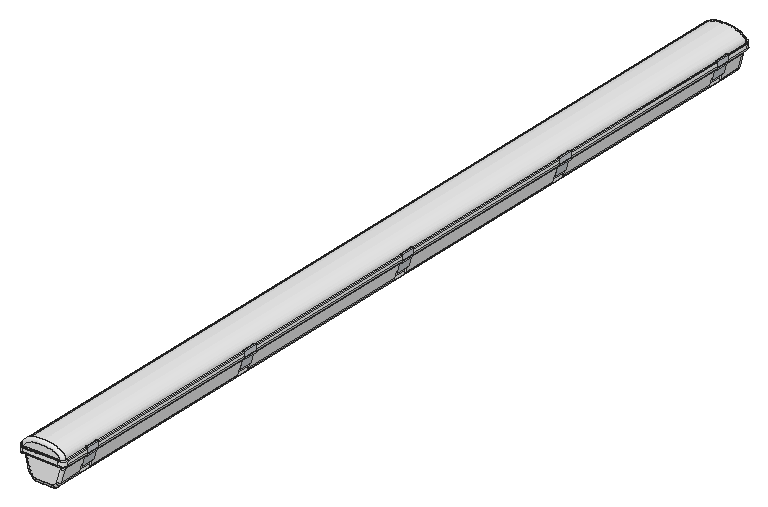
Revit family "0048794 Feilo Sylvania Lighting Fixture HYDROPROOF LED G3 1500MM S 4K MW", category Lighting Fixtures, host Face, Revit 2016
Family settings
  Host = Face
  Part Type = Normal
  Round Connector Dimension = Use Diameter
  OmniClass Number = 23.80.70.11.14
  OmniClass Title = General Luminaries, Directional
  Cut with Voids When Loaded = No
  Light Source = Yes
  Shared = No
  Room Calculation Point = No
Parameters (values of type "0048794 HYDROPROOF LED G3 1500MM S 4K MW")
  Width = 84 mm
  Weight = "2.27 kg"
  Wattage Comments = "n/a"
  Wattage = 32 W
  WarrantyStartDate [instance] = "n/a"
  WarrantyGuarantorParts = "n/a"
  WarrantyDurationUnit = "n/a"
  WarrantyDurationParts = "n/a"
  WarrantyDescription = "n/a"
  built-in parameter 1150110 = 1 (stored number, unit not read)
  Voltage = 230 V
  URL = "http://www.sylvania-lighting.com"
  TypeName = "HYDROPROOF LED G3 1500MM S 4K MW"
  Type Image = <None>
  Type Comments = "n/a"
  built-in parameter 1114217 = 1 (stored number, unit not read)
  Tilt Angle = -90.00°
  built-in parameter 1150109 = 1 (stored number, unit not read)
  built-in parameter 1150134 = 12
  built-in parameter 1150113 = 1 (stored number, unit not read)
  SerialNumber [instance] = "n/a"
  ReflectorMaterial = none
  PowerFactor = 0
  PowerConsumption = "32 W"
  Photometric Web File = "0048794.ies"
  NominalWidth = 0 mm
  NominalLength = 1578 mm
  NominalHeight = 75 mm
  Name = "HYDROPROOF LED G3 1500MM S 4K MW"
  ModelReference = "HYDROPROOF LED G3 1500MM S 4K MW"
  ModelNumber = "0048794"
  Model = "HYDROPROOF LED G3 1500MM S 4K MW"
  Material = "grp housing, pmma diffuser"
  ManufacturerName = "Feilo Sylvania"
  Manufacturer = "Feilo Sylvania"
  LuminousEfficacy = "155 lm/W"
  built-in parameter 1150105 = 394.7 (stored number, unit not read)
  Lumens = 4960 lm
  LuminaireType = ""
  built-in parameter 1150115 = 1 (stored number, unit not read)
  LightOutputRatio = "n/a"
  built-in parameter 1150137 = (empty or 0)
  built-in parameter 1150139 = (empty or 0)
  Length = 1572 mm
  LampsType = Lamp  # "LED"
  LampNominalLuminous = "4950 lm"
  LampMacAdamStep = "3"
  LampColourTemperature = "4000 K"
  LampColourRenderingIndex = "80"
  built-in parameter 1150112 = 1 (stored number, unit not read)
  built-in parameter 1150114 = 1 (stored number, unit not read)
  Lamp = "LED"
  Keynote = "16500"
  InstallationDate [instance] = "n/a"
  InputVoltage = "220-240V~"
  InputNominalFrequency = "50/60 Hz"
  built-in parameter 1150132 = (empty or 0)
  built-in parameter 1150102 = (empty or 0)
  built-in parameter 1150107 = 4000 (stored number, unit not read)
  built-in parameter 1150138 = (empty or 0)
  IngressProtection = "IP65"
  ImpactProtectionIndex = "IK02"
  built-in parameter 1150106 = 3.947 (stored number, unit not read)
  IfcExportType = "IfcLightFixtureType"
  IfcExportAs = "IfcLightFixtureType"
  ExpectedLife = 50000
  Emit from Rectangle Width = Width - 20 mm  # 64 mm
  Emit from Rectangle Length = Length - 20 mm  # 1552 mm
  Emit Shape Visible in Rendering = no
  ElectricShockClassification = "Class I"
  built-in parameter 1150104 = 14.4 (stored number, unit not read)
  DurationUnit = "hours"
  DocumentationLiterature = "http://www.sylvania-lighting.com/product/en-int/products/0048794"
  DimmingControlOptions = "n/a"
  Dimming Lamp Color Temperature Shift = <None>
  DiffuserMaterial = Diffuser-Sylvania-Transparent
  Description = "Hydroproof, integrated LED chemical resistant weatherproof luminaire, with UV stabilized flat diffuser and linear prisms designed to achieve uniform lit appearance, optimise light output and to reduce glare, stainless steel diffuser clips and fixing brackets for surface and wall mounting. L 1578 mm x W 84 mm x H 75 mm size, GRP housing, PMMA diffuser, DALI dimmable, with MW sensor, 4000K, CRI80,  4950 lm, 32 W, 155 lm/W, nominal average life (h):50000, energy class: A++ A+ A Class I,IK02, IP65."
  Default Elevation = 1219.2 mm
  CreatedOn = "3/27/2018"
  CreatedBy = "aron.fodor@feilosylvania.com"
  Cost = 0
  Color Filter = 16777215
  built-in parameter 1114216 [instance] = (empty or 0)
  ClassificationValue = "EF_70_80"
  ClassificationName = "Uniclass2015"
  BodyMaterial = Body-Sylvania-Gray
  BarCode [instance] = "n/a"
  built-in parameter 1114218 = 1 (stored number, unit not read)
  built-in parameter 1150133 = 10 (stored number, unit not read)
  AssetType = "Fixed"
  AssetIdentifier [instance] = "n/a"
  Assembly Code = "D5020200"
  Apparent Load = 32 VA
  AccessoryMaterial = Diffuser-Sylvania-Glow
Reference planes
  plane 1 "Center (Front/Back)": y = 0
  plane 2: z = 0
  plane 3 "Center (Left/Right)": x = 0
  plane 4: z = 54
  plane 5: x = -14.7
  plane 6: x = -21.8
  plane 7: x = -26.6
  plane 8: x = -29.2
  plane 9: z = 3
  plane 10: z = 7.8
  plane 11: z = 12.3
  plane 12: z = 36.6
  plane 13: z = 42.8
  plane 14: x = -38.1
  plane 15: z = 46.2
  plane 16: x = -42
  plane 17: y = 786
  plane 18: y = -786
  plane 19: x = 14.7
  plane 20: x = 21.8
  plane 21: x = 26.6
  plane 22: x = 29.2
  plane 23: x = 38.1
  plane 24: x = 42
  plane 25: y = 778.4
  plane 26: y = -778.4
  plane 27: y = -774.7
  plane 28: y = 774.7
  plane 29: z = 74
  plane 30: x = -38.5
  plane 31: x = 38.5
  plane 32: z = 55.2
  plane 33: y = -782.5
  plane 34: y = 782.5
  plane 35: x = -24.5
  plane 36: x = 24.5
  plane 37: x = -35.7
  plane 38: x = 35.7
  plane 39: z = 50.2
  plane 40: z = 24.6
  plane 41: y = -720
  plane 42: y = -734
  plane 43: y = -706
  plane 44: y = 720
  plane 45: y = -720
  plane 46: y = -734
  plane 47: y = -706
  plane 48: y = 720
  plane 49: y = 706
  plane 50: y = 734
  plane 51: y = -360
  plane 52: y = -374
  plane 53: y = -346
  plane 54: y = 0
  plane 55: y = -14
  plane 56: y = 14
  plane 57: y = 360
  plane 58: y = 346
  plane 59: y = 374
Forms (mm)
  Sweep 1, solid, material "Body-Sylvania-Gray" <- "BodyMaterial", detail levels medium+fine
    path origin (1223.4, -4572, 54) x (0, -1, 0) y (1, 0, 0)
      loop
        arc (-3796, -1265.4) -> (-3788.929, -1262.471) -> (-3786, -1255.4) r 10
        line (-3786, -1255.4) -> (-3786, -1191.4)
        arc (-3786, -1191.4) -> (-3788.929, -1184.329) -> (-3796, -1181.4) r 10
        line (-3796, -1181.4) -> (-5348, -1181.4)
        arc (-5348, -1181.4) -> (-5355.071, -1184.329) -> (-5358, -1191.4) r 10
        line (-5358, -1191.4) -> (-5358, -1255.4)
        arc (-5358, -1255.4) -> (-5355.071, -1262.471) -> (-5348, -1265.4) r 10
        line (-5348, -1265.4) -> (-3796, -1265.4)
    profile origin (-42, 0, 54) x (-1, 0, 0) y (0, 0, 1)
      loop
        line (0, 0) -> (-1, 0) -> (-1, -7.726)
        arc (-1, -7.726) -> (-1.994, -9.498) -> (-3.9, -10.2) r 2.937
        line (-3.9, -10.2) -> (-8.571, -10.2) -> (-8.571, -11.2) -> (-3.9, -11.2)
        arc (-3.9, -11.2) -> (-1.313, -10.231) -> (0, -7.8) r 3.937
        line (0, -7.8) -> (0, 0)
  Sweep 2, solid, material "Body-Sylvania-Gray" <- "BodyMaterial", detail levels medium+fine
    path origin (0, 0, 0) x (1, 0, 0) y (0, 0, 1)
      loop
        line (35.7, 42.8) -> (35.7, 36.6) -> (29.203, 12.31)
        arc (29.203, 12.31) -> (28.199, 9.884) -> (26.6, 7.8) r 10.052
        line (26.6, 7.8) -> (21.8, 3)
        arc (21.8, 3) -> (18.554, 0.781) -> (14.7, 0) r 9.902
        line (14.7, 0) -> (0, 0) -> (-14.7, 0)
        arc (-14.7, 0) -> (-18.554, 0.781) -> (-21.8, 3) r 9.902
        line (-21.8, 3) -> (-26.6, 7.8)
        arc (-26.6, 7.8) -> (-28.199, 9.884) -> (-29.203, 12.31) r 10.052
        line (-29.203, 12.31) -> (-35.7, 36.6) -> (-35.7, 42.8)
    profile origin (0, 0, 0) x (0, 0, -1) y (0, -1, 0)
      loop
        arc (0, 773.4) -> (-1.464, 776.936) -> (-5, 778.4) r 5
        line (-5, 778.4) -> (-7.8, 778.4) -> (-7.8, -778.4) -> (-5, -778.4)
        arc (-5, -778.4) -> (-1.464, -776.936) -> (0, -773.4) r 5
        line (0, -773.4) -> (0, 773.4)
  Extrusion 3, solid, material "Body-Sylvania-Gray" <- "BodyMaterial", detail levels medium+fine
    sketch origin (1524, 778.4, 1219.2) x (1, 0, 0) y (0, 0, 1)
      loop
        arc (-1545.668, -1204.874) -> (-1545.443, -1205.418) -> (-1545.085, -1205.885) r 2.252
        line (-1545.085, -1205.885) -> (-1540.231, -1210.738)
        arc (-1540.231, -1210.738) -> (-1539.534, -1211.227) -> (-1538.7, -1211.4) r 2.102
        line (-1538.7, -1211.4) -> (-1509.3, -1211.4)
        arc (-1509.3, -1211.4) -> (-1508.466, -1211.227) -> (-1507.769, -1210.738) r 2.102
        line (-1507.769, -1210.738) -> (-1502.915, -1205.885)
        arc (-1502.915, -1205.885) -> (-1502.557, -1205.418) -> (-1502.332, -1204.874) r 2.252
        line (-1502.332, -1204.874) -> (-1496.1, -1181.575) -> (-1496.1, -1176.4) -> (-1551.9, -1176.4) -> (-1551.9, -1181.575) -> (-1545.668, -1204.874)
    from 0 to 1556.8
  Sweep 4, solid, material "Diffuser-Sylvania-Transparent" <- "DiffuserMaterial", detail levels medium+fine
    path origin (0, 0, 0) x (1, 0, 0) y (0, 0, 1)
      loop
        spline (-38.5, 55.2) -> (-37.188, 60.066) -> (-33.342, 64.6) -> (-27.224, 68.494) -> (-19.25, 71.481) -> (-9.965, 73.359) -> (0, 74) -> (9.965, 73.359) -> (19.25, 71.481) -> (27.224, 68.494) -> (33.342, 64.6) -> (37.188, 60.066) -> (38.5, 55.2)
    profile origin (38.5, 0, 55.2) x (0, -1, 0) y (1, 0, 0)
      loop
        arc (782.5, -5.5) -> (780.889, -1.611) -> (777, 0) r 5.5
        line (777, 0) -> (-777, 0)
        arc (-777, 0) -> (-780.889, -1.611) -> (-782.5, -5.5) r 5.5
        line (-782.5, -5.5) -> (-782.5, -6.3) -> (-781.5, -6.3) -> (-781.5, -5.5)
        arc (-781.5, -5.5) -> (-780.182, -2.318) -> (-777, -1) r 4.5
        line (-777, -1) -> (777, -1)
        arc (777, -1) -> (780.182, -2.318) -> (781.5, -5.5) r 4.5
        line (781.5, -5.5) -> (781.5, -6.347) -> (782.5, -6.347) -> (782.5, -5.5)
  Extrusion 5, solid, material "Diffuser-Sylvania-Transparent" <- "DiffuserMaterial", detail levels medium+fine
    sketch origin (1524, -782.5, 1219.2) x (1, 0, 0) y (0, 0, 1)
      loop
        line (-1556.653, -1164) -> (-1491.347, -1164)
        spline (-1491.347, -1164) -> (-1491.939, -1161.945) -> (-1494.434, -1159.066) -> (-1499.342, -1155.96) -> (-1506.338, -1153.35) -> (-1514.799, -1151.648) -> (-1524, -1151.047) -> (-1533.201, -1151.648) -> (-1541.662, -1153.35) -> (-1548.658, -1155.96) -> (-1553.566, -1159.066) -> (-1556.061, -1161.945) -> (-1556.653, -1164)
    from 0 to -1
  Extrusion 6, solid, material "Diffuser-Sylvania-Transparent" <- "DiffuserMaterial", detail levels medium+fine
    sketch origin (1524, 782.5, 1219.2) x (1, 0, 0) y (0, 0, 1)
      loop
        spline (-1491.3, -1164) -> (-1491.898, -1161.922) -> (-1494.404, -1159.03) -> (-1499.322, -1155.918) -> (-1506.325, -1153.305) -> (-1514.793, -1151.602) -> (-1524, -1151) -> (-1533.207, -1151.602) -> (-1541.675, -1153.305) -> (-1548.678, -1155.918) -> (-1553.596, -1159.03) -> (-1556.102, -1161.922) -> (-1556.7, -1164)
        line (-1556.7, -1164) -> (-1491.3, -1164)
    from 0 to 1
  Extrusion 7, solid, material "Diffuser-Sylvania-Glow" <- "AccessoryMaterial", detail levels fine
    sketch origin (0, 0, 0) x (1, 0, 0) y (0, 0, 1)
      loop
        circle (0, 50.2) r 8
    from -774.7 to 774.7
  Extrusion 8, void
    sketch origin (0, -720, 2343.807) x (0, 0, -1) y (-1, 0, 0)
      loop
        line (2340.807, -24.5) -> (2331.507, -24.5) -> (2319.207, -29.2) -> (2319.207, -35.7) -> (2340.807, -35.7) -> (2340.807, -24.5)
      loop
        line (2340.807, 24.5) -> (2340.807, 35.7) -> (2319.207, 35.7) -> (2319.207, 29.2) -> (2331.507, 24.5) -> (2340.807, 24.5)
    from 14 to -14
  Extrusion 9, void, not visible
    sketch origin (0, -720, 2343.807) x (0, 0, -1) y (-1, 0, 0)
      loop
        line (2340.807, -24.5) -> (2331.507, -24.5) -> (2319.207, -29.2) -> (2319.207, -35.7) -> (2340.807, -35.7) -> (2340.807, -24.5)
      loop
        line (2340.807, 24.5) -> (2340.807, 35.7) -> (2319.207, 35.7) -> (2319.207, 29.2) -> (2331.507, 24.5) -> (2340.807, 24.5)
    from 14 to -14
  Extrusion 10, void
    sketch origin (0, 720, 2343.807) x (0, 0, -1) y (-1, 0, 0)
      loop
        line (2340.807, -24.5) -> (2331.507, -24.5) -> (2319.207, -29.2) -> (2319.207, -35.7) -> (2340.807, -35.7) -> (2340.807, -24.5)
      loop
        line (2340.807, 24.5) -> (2340.807, 35.7) -> (2319.207, 35.7) -> (2319.207, 29.2) -> (2331.507, 24.5) -> (2340.807, 24.5)
    from 14 to -14
  Extrusion 11, void
    sketch origin (0, -360, 2343.807) x (0, 0, -1) y (-1, 0, 0)
      loop
        line (2340.807, -24.5) -> (2331.507, -24.5) -> (2319.207, -29.2) -> (2319.207, -35.7) -> (2340.807, -35.7) -> (2340.807, -24.5)
      loop
        line (2340.807, 24.5) -> (2340.807, 35.7) -> (2319.207, 35.7) -> (2319.207, 29.2) -> (2331.507, 24.5) -> (2340.807, 24.5)
    from 14 to -14
  Extrusion 12, void
    sketch origin (0, 0, 2343.807) x (0, 0, -1) y (-1, 0, 0)
      loop
        line (2340.807, -24.5) -> (2331.507, -24.5) -> (2319.207, -29.2) -> (2319.207, -35.7) -> (2340.807, -35.7) -> (2340.807, -24.5)
      loop
        line (2340.807, 24.5) -> (2340.807, 35.7) -> (2319.207, 35.7) -> (2319.207, 29.2) -> (2331.507, 24.5) -> (2340.807, 24.5)
    from 14 to -14
  Extrusion 13, void
    sketch origin (0, 360, 2343.807) x (0, 0, -1) y (-1, 0, 0)
      loop
        line (2340.807, -24.5) -> (2331.507, -24.5) -> (2319.207, -29.2) -> (2319.207, -35.7) -> (2340.807, -35.7) -> (2340.807, -24.5)
      loop
        line (2340.807, 24.5) -> (2340.807, 35.7) -> (2319.207, 35.7) -> (2319.207, 29.2) -> (2331.507, 24.5) -> (2340.807, 24.5)
    from 14 to -14
  Extrusion 14, solid, material "Diffuser-Sylvania-Transparent" <- "DiffuserMaterial", detail levels medium+fine
    sketch origin (1223.4, -4572, 54) x (0, -1, 0) y (-1, 0, 0)
      loop
        arc (-5348, 1265.4) -> (-5355.071, 1262.471) -> (-5358, 1255.4) r 10
        line (-5358, 1255.4) -> (-5358, 1191.4)
        arc (-5358, 1191.4) -> (-5355.071, 1184.329) -> (-5348, 1181.4) r 10
        line (-5348, 1181.4) -> (-3796, 1181.4)
        arc (-3796, 1181.4) -> (-3788.929, 1184.329) -> (-3786, 1191.4) r 10
        line (-3786, 1191.4) -> (-3786, 1255.4)
        arc (-3786, 1255.4) -> (-3788.929, 1262.471) -> (-3796, 1265.4) r 10
        line (-3796, 1265.4) -> (-5348, 1265.4)
      loop
        arc (-5354.5, 1190.394) -> (-5352.887, 1186.509) -> (-5349, 1184.9) r 5.5
        line (-5349, 1184.9) -> (-3795, 1184.9)
        arc (-3795, 1184.9) -> (-3791.113, 1186.509) -> (-3789.5, 1190.394) r 5.5
        line (-3789.5, 1190.394) -> (-3789.5, 1256.406)
        arc (-3789.5, 1256.406) -> (-3791.113, 1260.291) -> (-3795, 1261.9) r 5.5
        line (-3795, 1261.9) -> (-5349, 1261.9)
        arc (-5349, 1261.9) -> (-5352.887, 1260.291) -> (-5354.5, 1256.406) r 5.5
        line (-5354.5, 1256.406) -> (-5354.5, 1190.394)
    from 0 to -1.2
  Extrusion 15, solid, material "Body-Sylvania-Gray" <- "BodyMaterial", detail levels coarse
    sketch origin (0, 0, 0) x (1, 0, 0) y (0, 0, 1)
      loop
        line (-42, 55.2) -> (-42, 42.8) -> (-26.6, 0) -> (26.6, 0) -> (42, 42.8) -> (42, 55.2) -> (-42, 55.2)
    from -786 to 786
  Extrusion 16, solid, material "Diffuser-Sylvania-Transparent" <- "DiffuserMaterial", detail levels coarse
    sketch origin (0, 0, 0) x (1, 0, 0) y (0, 0, 1)
      loop
        line (-38.5, 55.2) -> (38.5, 55.2)
        arc (38.5, 55.2) -> (0, 74) -> (-38.5, 55.2) r 48.822
    from -778.4 to 778.4
Cuts and joins
  Extrusion 8, Extrusion 10, Extrusion 11, Extrusion 12, Extrusion 13 cuts Sweep 2
  Extrusion 8, Extrusion 10, Extrusion 11, Extrusion 12, Extrusion 13 cuts Extrusion 3
  joined: Sweep 2, Extrusion 3
  joined: Sweep 4, Extrusion 5, Extrusion 6, Extrusion 14
Dimensions and locks
  locked: plane 4 to plane 2 at 54
  plane 5 to plane 6 to plane 7 to plane 8 to plane 14 to plane 16 = 7.1 mm locked, 4.8 mm locked, 2.6 mm locked, 8.9 mm locked, 3.9 mm locked
  plane 4 to plane 15 to plane 13 to plane 12 to plane 11 to plane 10 to plane 9 = 7.8 mm locked, 3.4 mm, 6.2 mm locked, 24.3 mm locked, 4.5 mm locked, 4.8 mm locked
  equal spacing: plane 18, plane 1 "Center (Front/Back)", plane 17
  "Length": plane 18 to plane 17
  plane 19 to plane 20 to plane 21 to plane 22 to plane 23 to plane 24 = 7.1 mm locked, 4.8 mm locked, 2.6 mm locked, 8.9 mm, 3.9 mm
  equal spacing: plane 24, plane 3 "Center (Left/Right)", plane 16
  "Width": plane 24 to plane 16
  equal spacing: plane 27, plane 1 "Center (Front/Back)", plane 28
  locked: plane 26 to plane 27 at 3.7
  locked: Sweep 1 sketch curve to profile plane at 1
  locked: Sweep 1 sketch curve to plane 13 at 1
  locked: Sweep 1 sketch curve to plane 13 at 3.937  (x2)
  locked: Sweep 1 sketch curve to profile plane at 3.9  (x2)
  plane 29 to plane 4 = 20 mm
  equal spacing: plane 31, plane 3 "Center (Left/Right)", plane 30
  locked: plane 30 to plane 16 at 3.5
  locked: plane 32 to plane 4 at 1.2
  equal spacing: plane 33, plane 1 "Center (Front/Back)", plane 34
  equal spacing: plane 36, plane 3 "Center (Left/Right)", plane 35
  locked: plane 34 to plane 17 at 3.5
  equal spacing: plane 38, plane 3 "Center (Left/Right)", plane 37
  locked: plane 37 to plane 16 at 6.3
  equal spacing: plane 25, plane 1 "Center (Front/Back)", plane 26
  locked: plane 17 to plane 25 at 7.6
  locked: Sweep 2 sketch curve to plane 2 at 5  (x2)
  locked: Sweep 2 sketch curve to plane 26 at 5
  locked: plane 25 to Sweep 2 sketch curve at 5
  locked: Sweep 4 sketch curve to plane 31 at 5.5  (x2)
  locked: Sweep 4 sketch curve to plane 34 at 5.5
  plane 33 to Sweep 4 sketch curve = 5.5 mm
  locked: plane 34 to Sweep 4 sketch curve at 1
  locked: Sweep 4 sketch curve to plane 31 at 1
  locked: Sweep 4 sketch curve to Sweep 4 sketch curve at 1
  locked: Sweep 4 sketch curve to plane 31 at 6.347
  locked: Sweep 4 sketch curve to plane 31 at 6.3
  locked: plane 40 to plane 2 at 24.6
  locked: plane 6 to plane 35 at 2.7
  locked: plane 1 "Center (Front/Back)" to plane 41 at 720
  plane 43 to plane 41 to plane 42 = 14 mm locked, 14 mm locked
  locked: plane 44 to plane 1 "Center (Front/Back)" at 720
  plane 47 to plane 45 to plane 46 = 14 mm locked, 14 mm locked
  plane 50 to plane 48 to plane 49 = 14 mm locked, 14 mm locked  (x2)
  equal spacing: group 1, group 6, group 7, group 8, group 5  (x3)
  plane 53 to plane 51 to plane 52 = 14 mm locked, 14 mm locked  (x2)
  plane 56 to plane 54 to plane 55 = 14 mm locked, 14 mm locked  (x2)
  plane 59 to plane 57 to plane 58 = 14 mm locked, 14 mm locked  (x2)
  plane 48 to plane 57 to plane 1 "Center (Front/Back)" to plane 51 to plane 41 = 360 mm locked, 360 mm locked, 360 mm locked, 360 mm locked
  aligned and locked: plane 2 to host face
  aligned and locked: level to host face
  aligned and locked: plane 16 to Sweep 1 sketch curve
  aligned and locked: Sweep 1 sketch curve to plane 24
  aligned and locked: plane 18 to Sweep 1 sketch curve
  aligned and locked: Sweep 1 sketch curve to plane 13
  aligned and locked: profile plane to Sweep 1 sketch curve
  aligned and locked: plane 3 "Center (Left/Right)" to Sweep 2 sketch curve
  aligned and locked: plane 9 to Sweep 2 sketch curve
  aligned and locked: plane 10 to Sweep 2 sketch curve
  aligned and locked: plane 37 to Sweep 2 sketch curve
  aligned and locked: plane 12 to Sweep 2 sketch curve
  aligned and locked: Sweep 2 sketch curve to level
  aligned and locked: plane 21 to Sweep 2 sketch curve
  aligned and locked: plane 38 to Sweep 2 sketch curve
  aligned and locked: profile plane to Sweep 2 sketch curve
  aligned and locked: plane 25 to Sweep 2 sketch curve
  aligned and locked: Sweep 2 sketch curve to plane 10
  aligned and locked: Extrusion 3 sketch curve to Sweep 2  (x7)
  aligned and locked: Sweep 2 to Extrusion 3 sketch curve
  aligned and locked: Extrusion 3 to plane 25
  aligned and locked: plane 26 to Extrusion 3
  aligned and locked: plane 32 to Sweep 4 sketch curve
  aligned and locked: plane 33 to Sweep 4 sketch curve
  aligned and locked: Sweep 4 to Extrusion 5
  aligned and locked: plane 33 to Extrusion 5
  aligned and locked: plane 39 to Extrusion 7 sketch curve
  aligned and locked: plane 27 to Extrusion 7
  aligned and locked: Extrusion 7 to plane 28
  aligned and locked: Extrusion 6 sketch curve to Sweep 4
  aligned and locked: Extrusion 5 sketch curve to Sweep 4
  aligned and locked: Extrusion 8 to plane 43
  aligned and locked: plane 42 to Extrusion 8
  aligned and locked: Extrusion 10 to plane 50
  aligned and locked: plane 49 to Extrusion 10
  aligned and locked: Extrusion 11 to plane 53
  aligned and locked: plane 52 to Extrusion 11
  aligned and locked: Extrusion 12 to plane 56
  aligned and locked: plane 55 to Extrusion 12
  aligned and locked: Extrusion 13 to plane 59
  aligned and locked: plane 58 to Extrusion 13
  aligned and locked: plane 3 "Center (Left/Right)" to Extrusion 7 sketch curve
  aligned and locked: Extrusion 14 sketch curve to Sweep 1  (x4)
  aligned and locked: Extrusion 14 to plane 32
  aligned and locked: plane 4 to Extrusion 14
  aligned and locked: plane 48 to nested 1
  aligned and locked: plane 57 to nested 2
  aligned and locked: plane 54 to nested 3
  aligned and locked: nested 4 to plane 51
  aligned and locked: nested 5 to plane 41
  aligned and locked: plane 41 to nested 10
  aligned and locked: plane 51 to nested 9
  aligned and locked: plane 54 to nested 8
  aligned and locked: plane 57 to nested 7
  aligned and locked: plane 48 to nested 6
  aligned and locked: plane 1 "Center (Front/Back)" to imposter light
  aligned and locked: plane 3 "Center (Left/Right)" to imposter light
  aligned and locked: imposter light to plane 29
  aligned and locked: plane 7 to Extrusion 15 sketch curve
  aligned and locked: plane 2 to Extrusion 15 sketch curve
  aligned and locked: Extrusion 15 sketch curve to nested 6
  aligned and locked: Extrusion 15 sketch curve to nested 1
  aligned and locked: plane 18 to Extrusion 15
  aligned and locked: Extrusion 15 to plane 17
  aligned and locked: Extrusion 15 to Sweep 1  (x2)
  aligned and locked: plane 30 to Extrusion 16 sketch curve
  aligned and locked: plane 31 to Extrusion 16 sketch curve
  aligned and locked: Extrusion 16 sketch curve to cut or joined group of Sweep 4, Extrusion 5, Extrusion 6, Extrusion 14
  aligned and locked: Extrusion 16 to plane 25
  aligned and locked: plane 26 to Extrusion 16
Automatic sketch dimensions
  host sketch curve to host sketch curve = 2438.4 mm  (x2)
  plane 17 to Sweep 1 sketch curve = 0 mm
  Sweep 1 sketch curve to plane 28 = 1.3 mm
  Sweep 1 sketch curve to plane 7 = 5.4 mm
  plane 27 to Sweep 1 sketch curve = 1.3 mm  (x2)
  Sweep 1 sketch curve to Sweep 1 sketch curve = 4.671 mm
  Sweep 1 sketch curve to plane 4 = 0 mm
  Sweep 2 sketch curve to plane 7 = 0 mm
  Sweep 2 sketch curve to plane 6 = 0 mm
  Sweep 2 sketch curve to plane 5 = 0 mm
  plane 19 to Sweep 2 sketch curve = 0 mm
  Sweep 2 sketch curve to plane 9 = 0 mm
  plane 20 to Sweep 2 sketch curve = 0 mm
  Sweep 2 sketch curve to plane 12 = 0 mm
  Sweep 2 sketch curve to plane 10 = 0 mm
  Sweep 2 sketch curve to plane 13 = 0 mm  (x2)
  Sweep 2 sketch curve to plane 8 = 0.003 mm
  plane 6 to Sweep 2 sketch curve = 2.308 mm
  plane 20 to Sweep 2 sketch curve = 2.308 mm
  Sweep 2 sketch curve to plane 22 = 0.003 mm
  Sweep 2 sketch curve to plane 11 = 0.01 mm  (x2)
  Extrusion 3 sketch curve to plane 5 = 0 mm
  plane 19 to Extrusion 3 sketch curve = 0 mm
  plane 6 to Extrusion 3 sketch curve = 0.132 mm
  plane 6 to Extrusion 3 sketch curve = 0.715 mm
  Extrusion 3 sketch curve to Extrusion 3 sketch curve = 1.592 mm
  Extrusion 3 sketch curve to plane 10 = 0.662 mm  (x2)
  plane 20 to Extrusion 3 sketch curve = 2.308 mm
  plane 20 to Extrusion 3 sketch curve = 0.715 mm
  plane 20 to Extrusion 3 sketch curve = 0.132 mm
  Sweep 4 sketch curve to plane 30 = 0 mm
  Sweep 4 sketch curve to plane 3 "Center (Left/Right)" = 0 mm
  Sweep 4 sketch curve to Sweep 4 sketch curve = 0 mm  (x2)
  plane 37 to Extrusion 6 sketch curve = 3 mm
  Extrusion 6 sketch curve to plane 38 = 3 mm
  plane 37 to Extrusion 5 sketch curve = 3.047 mm
  Extrusion 5 sketch curve to plane 38 = 3.047 mm
  Extrusion 8 sketch curve to Extrusion 8 sketch curve = 0 mm
  Extrusion 8 sketch curve to Extrusion 8 sketch curve = 12.3 mm  (x2)
  Extrusion 8 sketch curve to Extrusion 8 sketch curve = 9.3 mm  (x2)
  Extrusion 8 sketch curve to Extrusion 8 sketch curve = 6.5 mm  (x2)
  Extrusion 8 sketch curve to Extrusion 8 sketch curve = 4.7 mm  (x2)
  Extrusion 8 sketch curve to Extrusion 8 sketch curve = 49 mm
  Extrusion 9 sketch curve to Extrusion 9 sketch curve = 0 mm
  Extrusion 9 sketch curve to Extrusion 9 sketch curve = 12.3 mm  (x2)
  Extrusion 9 sketch curve to Extrusion 9 sketch curve = 9.3 mm  (x2)
  Extrusion 9 sketch curve to Extrusion 9 sketch curve = 6.5 mm  (x2)
  Extrusion 9 sketch curve to Extrusion 9 sketch curve = 4.7 mm  (x2)
  Extrusion 9 sketch curve to Extrusion 9 sketch curve = 49 mm
  Extrusion 10 sketch curve to Extrusion 10 sketch curve = 0 mm
  Extrusion 10 sketch curve to Extrusion 10 sketch curve = 12.3 mm  (x2)
  Extrusion 10 sketch curve to Extrusion 10 sketch curve = 9.3 mm  (x2)
  Extrusion 10 sketch curve to Extrusion 10 sketch curve = 6.5 mm  (x2)
  Extrusion 10 sketch curve to Extrusion 10 sketch curve = 4.7 mm  (x2)
  Extrusion 10 sketch curve to Extrusion 10 sketch curve = 49 mm
  Extrusion 11 sketch curve to Extrusion 11 sketch curve = 0 mm
  Extrusion 11 sketch curve to Extrusion 11 sketch curve = 12.3 mm  (x2)
  Extrusion 11 sketch curve to Extrusion 11 sketch curve = 9.3 mm  (x2)
  Extrusion 11 sketch curve to Extrusion 11 sketch curve = 6.5 mm  (x2)
  Extrusion 11 sketch curve to Extrusion 11 sketch curve = 4.7 mm  (x2)
  Extrusion 11 sketch curve to Extrusion 11 sketch curve = 49 mm
  Extrusion 12 sketch curve to Extrusion 12 sketch curve = 0 mm
  Extrusion 12 sketch curve to Extrusion 12 sketch curve = 12.3 mm  (x2)
  Extrusion 12 sketch curve to Extrusion 12 sketch curve = 9.3 mm  (x2)
  Extrusion 12 sketch curve to Extrusion 12 sketch curve = 6.5 mm  (x2)
  Extrusion 12 sketch curve to Extrusion 12 sketch curve = 4.7 mm  (x2)
  Extrusion 12 sketch curve to Extrusion 12 sketch curve = 49 mm
  Extrusion 13 sketch curve to Extrusion 13 sketch curve = 0 mm
  Extrusion 13 sketch curve to Extrusion 13 sketch curve = 12.3 mm  (x2)
  Extrusion 13 sketch curve to Extrusion 13 sketch curve = 9.3 mm  (x2)
  Extrusion 13 sketch curve to Extrusion 13 sketch curve = 6.5 mm  (x2)
  Extrusion 13 sketch curve to Extrusion 13 sketch curve = 4.7 mm  (x2)
  Extrusion 13 sketch curve to Extrusion 13 sketch curve = 49 mm
  Extrusion 14 sketch curve to plane 34 = 0 mm
  plane 30 to Extrusion 14 sketch curve = 0 mm
  Extrusion 14 sketch curve to plane 31 = 0 mm
  plane 33 to Extrusion 14 sketch curve = 0 mm
  plane 25 to Extrusion 14 sketch curve = 1.4 mm  (x4)
  Extrusion 14 sketch curve to plane 26 = 1.4 mm  (x4)
  plane 37 to Extrusion 14 sketch curve = 2.694 mm  (x2)
  Extrusion 14 sketch curve to plane 38 = 2.694 mm  (x2)
  plane 21 to Extrusion 15 sketch curve = 0 mm
  Extrusion 15 sketch curve to plane 13 = 0 mm  (x2)
  Extrusion 15 sketch curve to plane 32 = 0 mm
  Extrusion 16 sketch curve to plane 40 = 0.578 mm
  radius of Extrusion 7 sketch curve = 8 mm
Nested families
  nested 1: "Clip" at (-29.2, 720, 24.6) x (-1, 0, 0) z (0, 0, 1), type "Clip", detail levels fine
  nested 2: "Clip" at (-29.2, 360, 24.6) x (-1, 0, 0) z (0, 0, 1), type "Clip", detail levels fine
  nested 3: "Clip" at (-29.2, 0, 24.6) x (-1, 0, 0) z (0, 0, 1), type "Clip", detail levels fine
  nested 4: "Clip" at (-29.2, -360, 24.6) x (-1, 0, 0) z (0, 0, 1), type "Clip", detail levels fine
  nested 5: "Clip" at (-29.2, -720, 24.6) x (-1, 0, 0) z (0, 0, 1), type "Clip", detail levels fine
  nested 6: "Clip" at (29.2, 720, 24.6), type "Clip", detail levels fine
  nested 7: "Clip" at (29.2, 360, 24.6), type "Clip", detail levels fine
  nested 8: "Clip" at (29.2, 0, 24.6), type "Clip", detail levels fine
  nested 9: "Clip" at (29.2, -360, 24.6), type "Clip", detail levels fine
  nested 10: "Clip" at (29.2, -720, 24.6), type "Clip", detail levels fine
Connectors
  electrical at (0, 0, 0), driven by "Apparent Load"
    settings: index 1, voltage 230 V, apparent load 32 VA, apparent load phase1 0 VA, apparent load phase2 0 VA, apparent load phase3 0 VA, power factor 0, load classification "Lighting", number of poles 1, system type 30, power factor state 1, is connector primary yes, connector utility no, sub classification motor no, connector description ""
Definition of nested family "Clip"
  Parameters (values of type "Clip")
    URL = "http://www.feilosylvania.com"
    Type Comments = "n/a"
    Model = "n/a"
    Manufacturer = "Feilo Sylvania"
    Keynote = "n/a"
    Description = "n/a"
    Default Elevation = 1219.2 mm
    Cost = 0
    BodyMaterial = none
    Assembly Code = "n/a"
  Reference planes
    plane 1 "Center (Front/Back)": y = 0
    plane 2: z = 0
    plane 3 "Center (Left/Right)": x = 0
    plane 4: x = 3.3
    plane 5: x = 6.5
    plane 6: x = 8.9
    plane 7: x = 12.8
    plane 8: z = 12
    plane 9: z = 18.2
    plane 10: z = 21.6
    plane 11: z = 30.6
    plane 12: x = 9.3
    plane 13: z = 19.2
    plane 14: z = 16.2
    plane 15: x = 10.1
    plane 16: y = 12
    plane 17: y = -12
  Forms (mm)
    Extrusion 1, solid
      sketch origin (-0.8, 0, 0) x (1, 0, 0) y (0, 1, 0)
        loop
          line (-1219.2, 1219.2) -> (-1219.2, -1219.2) -> (1219.2, -1219.2) -> (1219.2, 1219.2) -> (-1219.2, 1219.2)
      from 0 to -304.8
    Extrusion 2, solid
      sketch origin (0, 0, 0) x (1, 0, 0) y (0, 0, 1)
        loop
          line (8.9, 16.2) -> (4.58, 0) -> (0, 0) -> (0, -0.8) -> (5.195, -0.8) -> (9.603, 15.731) -> (13.6, 18.806) -> (13.6, 30.6)
          arc (13.6, 30.6) -> (11.45, 32.75) -> (9.3, 30.6) r 2.15
          line (9.3, 30.6) -> (10.1, 30.6)
          arc (10.1, 30.6) -> (11.45, 31.95) -> (12.8, 30.6) r 1.35
          line (12.8, 30.6) -> (12.8, 19.2) -> (8.9, 16.2)
      from -12 to 12
  Lines and regions (mm)
    reference lines
      curve 1: line (3.3, 0, 0) -> (6.5, 0, 12)
      curve 2: arc (8.9, 0, 18.2) -> (11.488, 0, 19.169) -> (12.8, 0, 21.6) r 3.934
  Dimensions and locks
    plane 7 to plane 6 to plane 5 to plane 4 to plane 3 "Center (Left/Right)" = 3.9 mm locked, 2.4 mm locked, 3.2 mm locked, 3.3 mm locked
    plane 11 to plane 10 to plane 9 to plane 8 to plane 2 = 9 mm locked, 3.4 mm locked, 6.2 mm locked, 12 mm locked
    locked: plane 7 to plane 12 at 3.5
    locked: plane 13 to plane 9 at 1
    locked: plane 9 to plane 14 at 2
    locked: plane 15 to plane 12 at 0.8
    locked: plane 2 to Extrusion 2 sketch curve at 0.8
    locked: Extrusion 2 sketch curve to Extrusion 2 sketch curve at 0.8  (x3)
    locked: plane 7 to Extrusion 2 sketch curve at 1.35
    equal spacing: plane 17, plane 1 "Center (Front/Back)", plane 16
    locked: plane 1 "Center (Front/Back)" to plane 16 at 12
    aligned and locked: plane 2 to Extrusion 1
    aligned and locked: level to Extrusion 1
    aligned and locked: plane 4 to curve 1
    aligned and locked: plane 5 to curve 1
    aligned and locked: plane 6 to curve 2
    aligned and locked: plane 10 to curve 2
    aligned and locked: plane 14 to Extrusion 2 sketch curve
    aligned and locked: plane 13 to Extrusion 2 sketch curve
    aligned and locked: plane 7 to Extrusion 2 sketch curve
    aligned and locked: plane 3 "Center (Left/Right)" to Extrusion 2 sketch curve
    aligned and locked: Extrusion 2 sketch curve to level
    aligned and locked: Extrusion 2 sketch curve to plane 11
    aligned and locked: plane 11 to Extrusion 2 sketch curve
    aligned and locked: Extrusion 2 to plane 16
    aligned and locked: plane 17 to Extrusion 2
  Automatic sketch dimensions
    Extrusion 1 sketch curve to Extrusion 1 sketch curve = 2438.4 mm  (x2)
    curve 2 to plane 7 = 0 mm
    curve 1 to level = 0 mm
    curve 1 to plane 8 = 0 mm
    curve 2 to plane 9 = 0 mm
    plane 6 to curve 2 = 0.002 mm
    Extrusion 2 sketch curve to Extrusion 2 sketch curve = 0 mm
    Extrusion 2 sketch curve to plane 6 = 0 mm
    plane 4 to Extrusion 2 sketch curve = 1.28 mm
